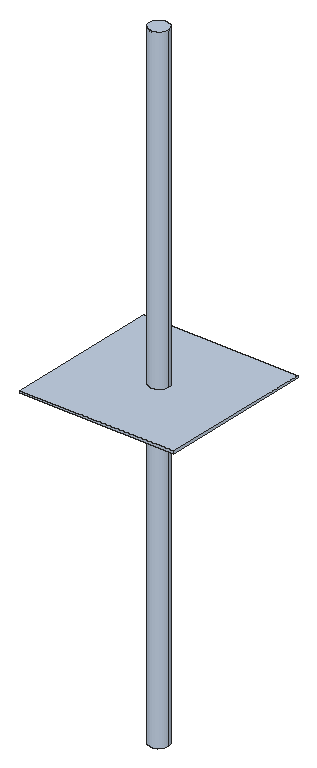
Revit family "EV_TIE ROD WATER STOP 15 L=500_9371979", category Generic Models, Revit 2018
Family settings
  Can host rebar = No
  Round Connector Dimension = Use Diameter
  Part Type = Normal
  OmniClass Number = 35.51.14.00
  OmniClass Title = FORMWORK
  Work Plane-Based = Yes
  Always vertical = No
  Cut with Voids When Loaded = No
  Shared = Yes
  Room Calculation Point = No
Parameters (values of type "EV_TIE ROD WATER STOP 15 L=500_9371979")
  VERSION = "20190101"  # constant formula
  URL = "www.ulmaconstruction.com/en"
  UNICLASS = ""
  Manufacturer = "ULMA CONSTRUCTION"  # constant formula
  ITEM_CODE = "9371979"
  FILTER [instance] = ""
  Default Elevation = 0.000 mm
  CLASSIFICATION_TITLE = ""
  CLASSIFICATION_NUMBER = ""
Reference planes
  plane 1 "Centro (Frontal/Posterior)": y = 0
  plane 2: z = 0
  plane 3 "Centro (Izquierda/Derecha)": x = 0
Forms (mm)
  Extrusion 1, solid, material "ULMA STEEL", detail levels medium+fine
    sketch origin (-337.479, 487.807, 0) x (1, 0, 0) y (0, 1, 0)
      loop
        line (277.479, -427.807) -> (277.479, -547.807) -> (397.479, -547.807) -> (397.479, -427.807) -> (277.479, -427.807)
    from -1 to 1
  Extrusion 2, solid, material "ULMA STEEL", detail levels medium+fine
    sketch origin (0, 0, 0) x (1, 0, 0) y (0, 1, 0)
      loop
        circle (0, 0) r 7.5
    from -250 to 250
Dimensions and locks
  aligned and locked: level to plane 2
